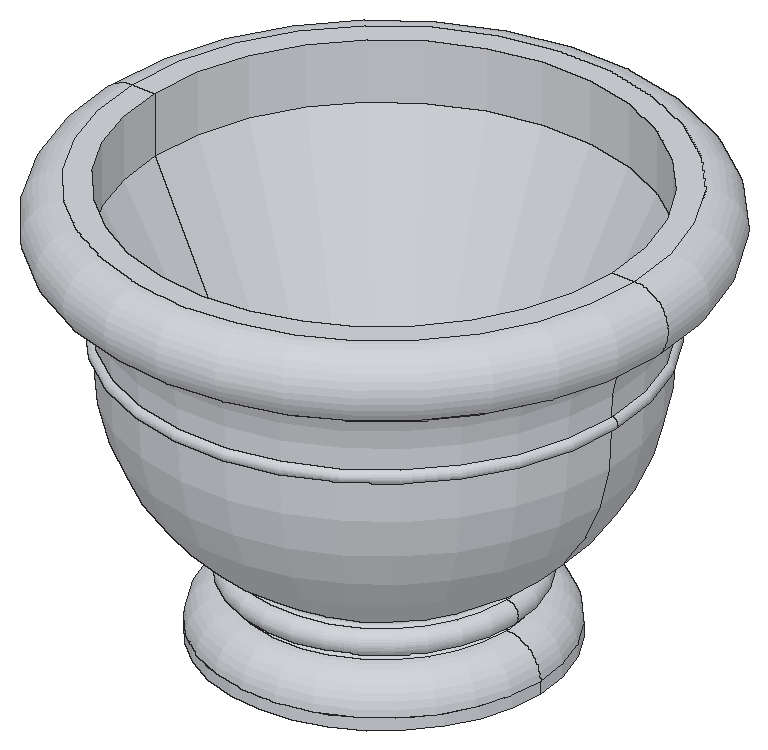
Revit family
Parameters (values of type "SBSP-059.5")
  Width = 5' - 8"
  URL = "www.strombergarchitectural.com"
  Top Material = GFRC
  Submittal Sheet = "www.strombergarchitectural.com/images/materials/gfrc/submittal/gfrc-submittal-sheet.pdf"
  Specifications = "www.strombergarchitectural.com/gfrcspecifications"
  Model Cut-sheet = "www.strombergarchitectural.com/products/bollards/design/SBSP-059"
  Model = "SBSP-059"
  Manufacturer = "Stromberg Architectural Products"
  Guidebook = "www.strombergarchitectural.com/images/materials/gfrc/handbooks/gfrc_guidebook.pdf"
  Frame Material = none
  Description = "GFRC Bollard"
  Assembly Code = ""
  Height = 4' - 0"
  059.5 = yes
  059.4 = no
  059.3 = no
  059.2 = no
  059.1 = no
Types (6): name | Width | Guidebook | Height | 059.5 | 059.4 | 059.3 | 059.2 | 059.1
  (no name) | 5' - 8" | "www.strombergarchitectural.com/images/materials/gfrc/handbooks/gfrc_guidebook.pdf" | 4' - 0" | yes | no | no | no | no
  SBSP-059.3 | 4' - 3" | "www.strombergarchitectural.com/images/materials/gfrc/handbooks/gfrc_guidebook.pdf" | 3' - 0" | no | no | yes | no | no
  SBSP-059.1 | 2' - 10" | "www.strombergarchitectural.com/images/materials/gfrc/handbooks/gfrc_guidebook.pdf   \r\n(http://www.strombergarchitectural.com/images/materials/gfrc/handbooks/gfrc_guidebook.pdf" | 2' - 0" | no | no | no | no | yes
  SBSP-059.2 | 3' - 6" | "www.strombergarchitectural.com/images/materials/gfrc/handbooks/gfrc_guidebook.pdf" | 2' - 6" | no | no | no | yes | no
  SBSP-059.4 | 4' - 11" | "www.strombergarchitectural.com/images/materials/gfrc/handbooks/gfrc_guidebook.pdf" | 3' - 6" | no | yes | no | no | no
  SBSP-059.5 | 5' - 8" | "www.strombergarchitectural.com/images/materials/gfrc/handbooks/gfrc_guidebook.pdf" | 4' - 0" | yes | no | no | no | no
Reference planes (in)
  plane 1 "Center (Front/Back)": y = 3.74847
  plane 2: z = 0
  plane 3 "Center (Left/Right)": x = 0.7278
  plane 4 "Front": y = -3.25153
  plane 5 "Back": y = 10.74847
  plane 6 "Left": x = -17.2722
  plane 7 "Right": x = 18.7278
Forms (in)
  Revolve 1, solid, visible <- "059.1"
    sketch origin (-89.97665, 3.74847, -43.84106) x (1, 0, 0) y (0, 0, 1)
      loop
        line (90.70445, 43.84106) -> (100.04895, 43.84106) -> (100.04895, 44.50853)
        arc (100.04895, 44.50853) -> (99.46246, 45.92443) -> (98.04656, 46.51092) r 2.00239
        arc (98.04656, 46.51092) -> (97.87969, 46.67779) -> (98.04656, 46.84465) r 0.16687
        arc (98.04656, 46.84465) -> (98.71402, 47.51212) -> (98.04656, 48.17958) r 0.66746
        arc (98.04656, 48.17958) -> (97.87969, 48.34645) -> (98.04656, 48.51331) r 0.16687
        arc (98.04656, 48.51331) -> (102.74432, 53.11612) -> (104.32519, 59.50015) r 12.04886
        arc (104.32519, 59.50015) -> (104.65809, 59.83429) -> (104.32436, 60.16761) r 0.33373
        arc (104.32436, 60.16761) -> (104.47408, 61.8443) -> (105.10041, 63.40681) r 5.78205
        arc (105.10041, 63.40681) -> (105.26968, 63.4432) -> (105.43352, 63.38724) r 0.32406
        arc (105.43352, 63.38724) -> (105.64744, 63.58224) -> (105.70935, 63.86499) r 0.47736
        arc (105.70935, 63.86499) -> (107.71406, 65.86623) -> (105.71167, 67.86978) r 2.00239
        line (105.71167, 67.86978) -> (104.37479, 67.86978) -> (104.37479, 64.52862) -> (96.5515, 48.48848) -> (96.5515, 45.17599) -> (90.70445, 45.17599) -> (90.70445, 43.84106)
      axis (90.70445, 43.84106) -> (90.70445, 67.86978)
    angle from 0 to 360
  Revolve 2, solid, visible <- "059.2"
    sketch origin (-147.23541, 3.74847, -43.84106) x (1, 0, 0) y (0, 0, 1)
      loop
        line (147.96321, 43.84106) -> (159.37988, 43.84106) -> (159.37988, 44.65654)
        arc (159.37988, 44.65654) -> (158.66333, 46.38643) -> (156.93345, 47.10297) r 2.44643
        arc (156.93345, 47.10297) -> (156.72958, 47.30684) -> (156.93345, 47.51071) r 0.20387
        arc (156.93345, 47.51071) -> (157.74892, 48.32618) -> (156.93345, 49.14166) r 0.81548
        arc (156.93345, 49.14166) -> (156.72958, 49.34553) -> (156.93345, 49.5494) r 0.20387
        arc (156.93345, 49.5494) -> (162.67295, 55.17289) -> (164.60438, 62.97259) r 14.72073
        arc (164.60438, 62.97259) -> (165.0111, 63.38083) -> (164.60337, 63.78806) r 0.40774
        arc (164.60337, 63.78806) -> (164.78629, 65.83657) -> (165.55151, 67.74557) r 7.06424
        arc (165.55151, 67.74557) -> (165.75831, 67.79002) -> (165.95849, 67.72165) r 0.39592
        arc (165.95849, 67.72165) -> (166.21991, 67.96001) -> (166.29671, 68.30535) r 0.58655
        arc (166.29671, 68.30535) -> (168.74475, 70.75097) -> (166.29832, 73.19821) r 2.44643
        line (166.29832, 73.19821) -> (164.66498, 73.19821) -> (164.66498, 71.56725) -> (164.66498, 69.11614) -> (155.10685, 49.51906) -> (155.10685, 45.47202) -> (147.96321, 45.47202) -> (147.96321, 43.84106)
      axis (147.96321, 43.84106) -> (147.96321, 73.19821)
    angle from 0 to 360
  Revolve 3, solid, visible <- "059.3"
    sketch origin (-220.51689, 3.74847, -43.84106) x (1, 0, 0) y (0, 0, 1)
      loop
        line (221.24469, 43.84106) -> (235.24469, 43.84106) -> (235.24469, 44.84106)
        arc (235.24469, 44.84106) -> (234.36601, 46.96238) -> (232.24469, 47.84106) r 3
        arc (232.24469, 47.84106) -> (231.99469, 48.09106) -> (232.24469, 48.34106) r 0.25
        arc (232.24469, 48.34106) -> (233.24469, 49.34106) -> (232.24469, 50.34106) r 1
        arc (232.24469, 50.34106) -> (231.99469, 50.59106) -> (232.24469, 50.84106) r 0.25
        arc (232.24469, 50.84106) -> (239.28292, 57.73703) -> (241.65138, 67.30162) r 18.0517
        arc (241.65138, 67.30162) -> (242.15014, 67.80224) -> (241.65014, 68.30161) r 0.5
        arc (241.65014, 68.30161) -> (241.87446, 70.81365) -> (242.81282, 73.15461) r 8.66271
        arc (242.81282, 73.15461) -> (243.06642, 73.20912) -> (243.31189, 73.12529) r 0.4855
        arc (243.31189, 73.12529) -> (243.63247, 73.41758) -> (243.72665, 73.84106) r 0.71928
        arc (243.72665, 73.84106) -> (246.72862, 76.84008) -> (243.72862, 79.84106) r 3
        line (243.72862, 79.84106) -> (241.7257, 79.84106) -> (241.7257, 74.83532) -> (230.00477, 50.80386) -> (230.00477, 45.84106) -> (221.24469, 45.84106) -> (221.24469, 43.84106)
      axis (221.24469, 43.84106) -> (221.24469, 79.84106)
    angle from 0 to 360
  Revolve 4, solid, visible <- "059.4"
    sketch origin (-295.72372, 3.74847, -43.84106) x (1, 0, 0) y (0, 0, 1)
      loop
        line (296.45152, 43.84106) -> (312.53485, 43.84106) -> (312.53485, 44.98987)
        arc (312.53485, 44.98987) -> (311.52542, 47.42687) -> (309.08842, 48.4363) r 3.44643
        arc (309.08842, 48.4363) -> (308.80122, 48.7235) -> (309.08842, 49.01071) r 0.2872
        arc (309.08842, 49.01071) -> (310.23723, 50.15952) -> (309.08842, 51.30832) r 1.14881
        arc (309.08842, 51.30832) -> (308.80122, 51.59553) -> (309.08842, 51.88273) r 0.2872
        arc (309.08842, 51.88273) -> (317.17401, 59.80488) -> (319.89492, 70.79277) r 20.73796
        arc (319.89492, 70.79277) -> (320.46805, 71.3549) -> (319.89492, 71.91703) r 0.56224
        arc (319.89492, 71.91703) -> (320.14834, 74.81547) -> (321.2292, 77.51675) r 9.95181
        arc (321.2292, 77.51675) -> (321.52054, 77.57937) -> (321.80253, 77.48306) r 0.55775
        arc (321.80253, 77.48306) -> (322.17081, 77.81885) -> (322.27901, 78.30535) r 0.82631
        arc (322.27901, 78.30535) -> (325.7277, 81.75064) -> (322.28127, 85.19821) r 3.44643
        line (322.28127, 85.19821) -> (319.9803, 85.19821) -> (319.9803, 79.44756) -> (306.51519, 51.83999) -> (306.51519, 46.13868) -> (296.45152, 46.13868) -> (296.45152, 43.84106)
      axis (296.45152, 43.84106) -> (296.45152, 85.19821)
    angle from 0 to 360
  Revolve 5, solid, visible <- "059.5"
    sketch origin (-377.98093, 3.74847, -43.84106) x (1, 0, 0) y (0, 0, 1)
      loop
        line (378.70873, 43.84106) -> (397.37539, 43.84106) -> (397.37539, 45.1744)
        arc (397.37539, 45.1744) -> (396.20382, 48.00282) -> (393.37539, 49.1744) r 4
        arc (393.37539, 49.1744) -> (393.04206, 49.50773) -> (393.37539, 49.84106) r 0.33333
        arc (393.37539, 49.84106) -> (394.70873, 51.1744) -> (393.37539, 52.50773) r 1.33333
        arc (393.37539, 52.50773) -> (393.04206, 52.84106) -> (393.37539, 53.1744) r 0.33333
        arc (393.37539, 53.1744) -> (402.7597, 62.36902) -> (405.91765, 75.1218) r 24.06893
        arc (405.91765, 75.1218) -> (406.58266, 75.7893) -> (405.91599, 76.45513) r 0.66667
        arc (405.91599, 76.45513) -> (406.21509, 79.80451) -> (407.46624, 82.9258) r 11.55028
        arc (407.46624, 82.9258) -> (407.80437, 82.99848) -> (408.13167, 82.8867) r 0.64734
        arc (408.13167, 82.8867) -> (408.5591, 83.27642) -> (408.68467, 83.84106) r 0.95904
        arc (408.68467, 83.84106) -> (412.6873, 87.83975) -> (408.6873, 91.84106) r 4
        line (408.6873, 91.84106) -> (406.01674, 91.84106) -> (406.01674, 85.16674) -> (390.38884, 53.1248) -> (390.38884, 46.50773) -> (378.70873, 46.50773) -> (378.70873, 43.84106)
      axis (378.70873, 43.84106) -> (378.70873, 91.84106)
    angle from 0 to 360
Dimensions and locks (in)
  aligned and locked: level to plane 2
